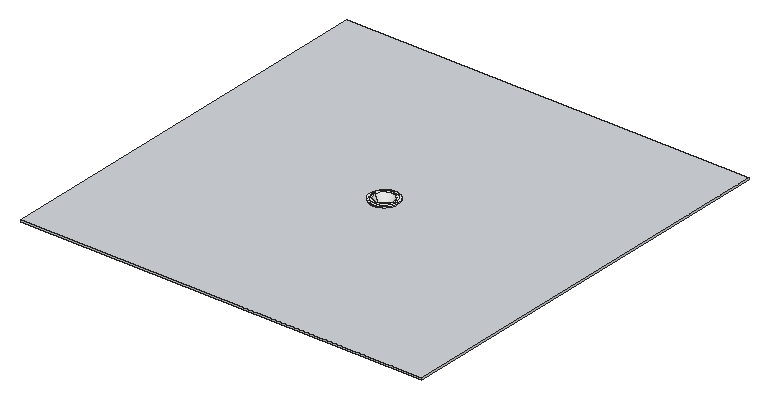
Revit family "Thorn CETUS3 M", category Lighting Fixtures, host Face, Revit 2016
Family settings
  Host = Face
  Part Type = Normal
  Round Connector Dimension = Use Diameter
  OmniClass Number = 23.80.70.11
  OmniClass Title = Luminaries for Internal Lighting
  Cut with Voids When Loaded = No
  Light Source = Yes
  Shared = No
  Room Calculation Point = No
Parameters (values of type "CETUS3 M 1000-840 HF RWH")
  Width = 195 mm  # constant formula
  Wattage Comments = ""
  Wattage = 7.11583 W
  built-in parameter 1150110 = 1 (stored number, unit not read)
  Voltage = 230 V
  URL = "www.thornlighting.com/96634888"
  Type Comments = "© Thorn. We reserve the right to make technical changes without prior notice."  # constant formula
  built-in parameter 1114217 = 1 (stored number, unit not read)
  Tilt Angle = -90.00°
  built-in parameter 1150109 = 1 (stored number, unit not read)
  built-in parameter 1150134 = 12
  built-in parameter 1150113 = 1 (stored number, unit not read)
  Photometric Web File = "96634888_(STD).IES"
  Model = "96634888"
  Manufacturer = "Thorn Lighting"  # constant formula
  built-in parameter 1150105 = 653.12 (stored number, unit not read)
  Lumens = 1057 lm
  built-in parameter 1150115 = 1 (stored number, unit not read)
  built-in parameter 1150137 = (empty or 0)
  built-in parameter 1150139 = (empty or 0)
  Length = 195 mm  # constant formula
  built-in parameter 1150112 = 1 (stored number, unit not read)
  built-in parameter 1150114 = 1 (stored number, unit not read)
  Lamp = "LED"
  built-in parameter 1150132 = 2
  built-in parameter 1150102 = (empty or 0)
  built-in parameter 1150107 = 4000 (stored number, unit not read)
  built-in parameter 1150138 = (empty or 0)
  built-in parameter 1150106 = 6.5312 (stored number, unit not read)
  Height = 100 mm  # constant formula
  Emit from Circle Diameter = Length - 64 mm  # 131 mm
  Emit Shape Visible in Rendering = no
  built-in parameter 1150104 = 13.8 (stored number, unit not read)
  Dimming Lamp Color Temperature Shift = <None>
  Description = "Recessed LED luminaire"  # constant formula
  Default Elevation = 0 mm
  Color Filter = 16777215
  Body = Thorn_Metal_White
  built-in parameter 1114218 = 1 (stored number, unit not read)
  built-in parameter 1150133 = 10 (stored number, unit not read)
  Assembly Code = "D5020200"
  Apparent Load = 7.7 VA
Reference planes
  plane 1 "Center (Front/Back)": y = 0
  plane 2 "Top": z = 0
  plane 3 "Center (Left/Right)": x = 399.5
  plane 4: z = -95
  plane 5: z = 5
Forms (mm)
  Extrusion 1, solid
    sketch origin (0, 0, 0) x (1, 0, 0) y (0, 1, 0)
      loop
        line (-1010.5, 1431.145) -> (-1010.5, -1431.145) -> (1809.5, -1431.145) -> (1809.5, 1431.145) -> (-1010.5, 1431.145)
    from 0 to -14
  Extrusion 2, void
    sketch origin (0, 0, 0) x (1, 0, 0) y (0, 1, 0)
      loop
        circle (399.5, 0) r 80
    from 0 to -100
  Revolve 3, solid, material "Thorn_Metal_White" <- "Body"
    sketch origin (0, 0, 0) x (1, 0, 0) y (0, 0, 1)
      loop
        line (302, 3.058) -> (302, 0) -> (332, 0)
        arc (332, 0) -> (344.725, -33.43) -> (360.678, -65.446) r 362.985
        line (360.678, -65.446) -> (353.979, -65.446) -> (356.565, -95) -> (399.5, -95) -> (399.5, -43.788) -> (352.784, -43.788)
        arc (352.784, -43.788) -> (342.28, -19.744) -> (333.555, 5) r 359.985
        line (333.555, 5) -> (315.163, 5) -> (302, 3.058)
      axis (399.5, 5) -> (399.5, -95)
    angle from 0 to 360
Dimensions and locks
  plane 5 to plane 2 "Top" = 5 mm
  plane 5 to plane 4 = 100 mm
  diameter of Extrusion 2 sketch curve = 160 mm
  aligned and locked: Extrusion 1 to plane 2 "Top"
  aligned and locked: imposter light to plane 1 "Center (Front/Back)"
  aligned and locked: imposter light to plane 3 "Center (Left/Right)"
  aligned and locked: plane 5 to imposter light
Connectors
  electrical at (399.5, 0, -95), driven by "Voltage", driven by "Apparent Load"
    settings: on Revolve 3, index 1, voltage 230 V, apparent load 7.7 VA, apparent load phase1 0 VA, apparent load phase2 0 VA, apparent load phase3 0 VA, power factor 1, load classification "Lighting", number of poles 1, system type 30, power factor state 1, is connector primary yes, connector utility no, sub classification motor no, connector description ""
